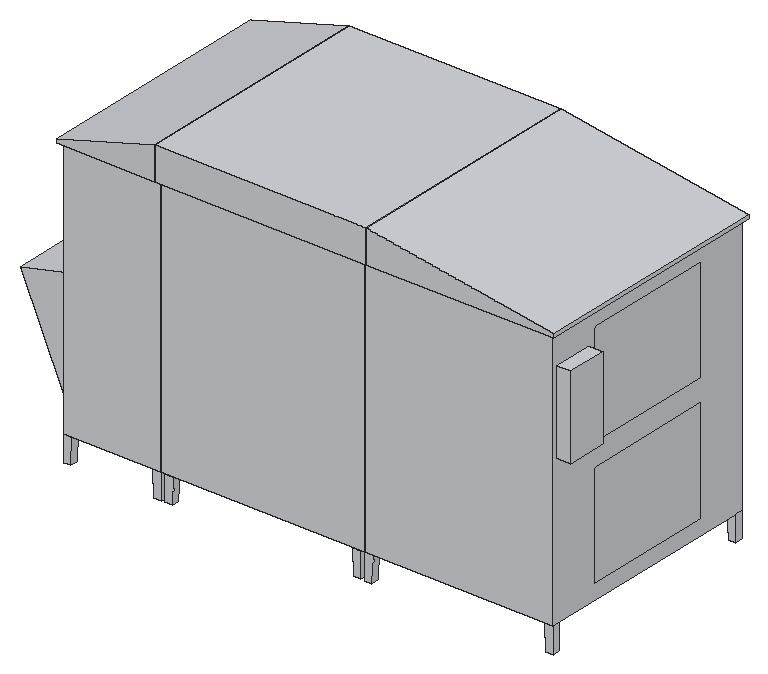
Revit family "AHU 2 _2", category Mechanické zařízení, Revit 2018
Family settings
  Kóta kulaté spojky = Použít průměr
  Typ dílu = Normální
  Číslo OmniClass = 23.75.00.00
  Nadpis OmniClass = Climate Control (HVAC)
  Založené na pracovní rovině = Ne
  Vždy vertikální = Ano
  Ořezat dutým tvarem při načtení = Ne
  Sdílené = Ne
  Bod výpočtu místnosti = Ne
Parameters (values of type "DUPLEXVENT 7500 Multi Eco-N")
  Width [instance] = 1.62 mm
  Weight [instance] = 1170.00 kg
  URL = ""
  Type [instance] = "DUPLEXVENT 7500 Multi Eco-N"
  Total_SFP [instance] = 0
  Supply_outlet_hum [instance] = 90
  Supply_inlet_hum [instance] = 90
  Supply_ext_pressure [instance] = 0.0 Pa
  Supply_SFP [instance] = 0
  Source_adu_file [instance] = ""
  Recuperation_type [instance] = "Plate heat recovery exchanger"
  Recuperation_efficiency_EN308 [instance] = 0
  Project_name [instance] = ""
  Project_date [instance] = "9.8.2023"
  Power_supply_fusing [instance] = "0"
  Power_supply_cable [instance] = "0"
  Position [instance] = "AHU 2 "
  Phases_count [instance] = 3
  Panel_thickness [instance] = 0.06 mm
  Outer_surface [instance] = "RAL 9002"
  Length [instance] = 3.37 mm
  Insulation_type [instance] = "PUR"
  Insulation_thickness [instance] = 0.05 mm
  Installation_environment [instance] = ""
  Input_power_max [instance] = 6600 W
  Inner_surface [instance] = "Pozink"
  I2 [instance] = I1  # 0.0 L/s
  Height [instance] = 1.795 mm
  Exhaust_outlet_hum [instance] = 40
  Exhaust_inlet_hum [instance] = 40
  Exhaust_ext_pressure [instance] = 0.0 Pa
  Exhaust_SFP [instance] = 0
  E1 [instance] = E2 - M1  # 0.0 L/s
  E2 [instance] = 0.0 L/s
  I1 [instance] = 0.0 L/s
  Description = ""
  M1 [instance] = 0.0 L/s
  Device_dutypoint_version [instance] = "0"
  Device_design_version [instance] = "9"
  Device_adu_id [instance] = "2"
  Current_max [instance] = 10.8 A
  Casing_mat [instance] = "painted zinc layer"
  Cable type [instance] = "CYKY 5Jx2,5"
Reference planes
  plane 1 "Střed (vpředu/vzadu)": y = 0
  plane 2 "ref": z = 0
  plane 3 "Střed (vlevo/vpravo)": x = 0
Forms (mm)
  Sweep 1, solid
    path origin (0, 0, 0) x (0, 0, 1) y (1, 0, 0)
      loop
        line (0, 0) -> (1795, 0)
    profile origin (0, 0, 0) x (1, 0, 0) y (0, 1, 0)
      loop
        line (0, 0) -> (671, 0) -> (671, 1620) -> (0, 1620) -> (0, 0)
  Sweep 2, solid
    path origin (0, 0, 0) x (0, 0, 1) y (1, 0, 0)
      loop
        line (0, 0) -> (1795, 0)
    profile origin (0, 0, 0) x (1, 0, 0) y (0, 1, 0)
      loop
        line (671, 0) -> (2074, 0) -> (2074, 1620) -> (671, 1620) -> (671, 0)
  Sweep 3, solid
    path origin (0, 0, 0) x (0, 0, 1) y (1, 0, 0)
      loop
        line (0, 0) -> (1795, 0)
    profile origin (0, 0, 0) x (1, 0, 0) y (0, 1, 0)
      loop
        line (2074, 0) -> (3367, 0) -> (3367, 1620) -> (2074, 1620) -> (2074, 0)
  Sweep 4, solid
    path origin (1685, 1645, 897) x (1, 0, 0) y (0, 1, 0)
      loop
        line (0, 0) -> (0, -1670)
    profile origin (1685, 1645, 897) x (1, 0, 0) y (0, 0, 1)
      loop
        line (-1710, 897) -> (-1039, 897) -> (-1039, 1123) -> (-1710, 922) -> (-1710, 897)
  Sweep 5, solid
    path origin (646, 810, 897) x (1, 0, 0) y (0, 1, 0)
      loop
        line (0, 0) -> (1456, 0)
    profile origin (646, 810, 897) x (0, 1, 0) y (0, 0, 1)
      loop
        line (-835, 897) -> (835, 897) -> (835, 922) -> (835, 1123) -> (-835, 1123) -> (-835, 922) -> (-835, 897)
  Sweep 6, solid
    path origin (1685, 1645, 897) x (1, 0, 0) y (0, 1, 0)
      loop
        line (0, 0) -> (0, -1670)
    profile origin (1685, 1645, 897) x (1, 0, 0) y (0, 0, 1)
      loop
        line (1710, 897) -> (1710, 922) -> (417, 1123) -> (417, 897) -> (1710, 897)
  Sweep 7, solid
    path origin (-250, 1365, 465) x (1, 0, 0) y (0, 1, 0)
      loop
        line (0, 0) -> (0, -1110)
    profile origin (-250, 1365, 465) x (1, 0, 0) y (0, 0, 1)
      loop
        line (249, 400) -> (-250, 280) -> (50, -400) -> (250, -400) -> (249, 400)
  Sweep 8, solid
    path origin (0, 810, 465) x (0, 1, 0) y (-1, 0, 0)
      loop
        line (0, 0) -> (0, 1)
    profile origin (0, 810, 465) x (0, -1, 0) y (0, 0, 1)
      loop
        line (-555, -400) -> (555, -400) -> (555, 400) -> (-555, 400) -> (-555, -400)
  Sweep 9, solid
    path origin (3369, 810, 1330) x (1, 0, 0) y (0, 1, 0)
      loop
        line (0, 0) -> (1, 0)
    profile origin (3369, 810, 1330) x (0, 1, 0) y (0, 0, 1)
      loop
        line (-450, 355) -> (-450, -355) -> (450, -355) -> (450, 355) -> (-450, 355)
  Sweep 10, solid
    path origin (3369, 810, 465) x (1, 0, 0) y (0, 1, 0)
      loop
        line (0, 0) -> (1, 0)
    profile origin (3369, 810, 465) x (0, 1, 0) y (0, 0, 1)
      loop
        line (-450, 355) -> (-450, -355) -> (450, -355) -> (450, 355) -> (-450, 355)
  Sweep 11, solid
    path origin (1, 810, 1330) x (0, 1, 0) y (-1, 0, 0)
      loop
        line (0, 0) -> (0, 1)
    profile origin (1, 810, 1330) x (0, -1, 0) y (0, 0, 1)
      loop
        line (-450, -355) -> (450, -355) -> (450, 355) -> (-450, 355) -> (-450, -355)
  Sweep 12, solid
    path origin (1780, 360, 0) x (0, -1, 0) y (0, 0, 1)
      loop
        line (0, 0) -> (0, -142)
    profile origin (1780, 360, 0) x (-1, 0, 0) y (0, -1, 0)
      loop
        circle (0, 0) r 8
  Sweep 13, solid
    path origin (1788, 360, -150) x (0, 0, -1) y (1, 0, 0)
      loop
        line (0, 0) -> (0, 14)
    profile origin (1788, 360, -150) x (0, 0, 1) y (0, -1, 0)
      loop
        circle (0, 0) r 8
  Sweep 14, solid
    path origin (1810, 360, -142) x (0, -1, 0) y (0, 0, 1)
      loop
        line (0, 0) -> (0, 59)
    profile origin (1810, 360, -142) x (0, 1, 0) y (-1, 0, 0)
      loop
        circle (0, 0) r 8
  Sweep 15, solid
    path origin (1818, 360, -75) x (0, 0, -1) y (1, 0, 0)
      loop
        line (0, 0) -> (0, 22)
    profile origin (1818, 360, -75) x (0, 0, 1) y (0, -1, 0)
      loop
        circle (0, 0) r 8
  Sweep 16, solid
    path origin (965, 360, 0) x (0, -1, 0) y (0, 0, 1)
      loop
        line (0, 0) -> (0, -142)
    profile origin (965, 360, 0) x (-1, 0, 0) y (0, -1, 0)
      loop
        circle (0, 0) r 8
  Sweep 17, solid
    path origin (973, 360, -150) x (0, 0, -1) y (1, 0, 0)
      loop
        line (0, 0) -> (0, 14)
    profile origin (973, 360, -150) x (0, 0, 1) y (0, -1, 0)
      loop
        circle (0, 0) r 8
  Sweep 18, solid
    path origin (995, 360, -142) x (0, -1, 0) y (0, 0, 1)
      loop
        line (0, 0) -> (0, 59)
    profile origin (995, 360, -142) x (0, 1, 0) y (-1, 0, 0)
      loop
        circle (0, 0) r 8
  Sweep 19, solid
    path origin (1003, 360, -75) x (0, 0, -1) y (1, 0, 0)
      loop
        line (0, 0) -> (0, 22)
    profile origin (1003, 360, -75) x (0, 0, 1) y (0, -1, 0)
      loop
        circle (0, 0) r 8
  Sweep 20, solid
    path origin (25, 50, 0) x (1, 0, 0) y (0, 1, 0)
      loop
        line (0, 0) -> (0, -50)
    profile origin (25, 50, 0) x (1, 0, 0) y (0, 0, 1)
      loop
        line (-25, 0) -> (-25, -175) -> (25, -175) -> (35, 0) -> (-25, 0)
  Sweep 21, solid
    path origin (3345, 50, 0) x (1, 0, 0) y (0, 1, 0)
      loop
        line (0, 0) -> (0, -50)
    profile origin (3345, 50, 0) x (1, 0, 0) y (0, 0, 1)
      loop
        line (-35, 0) -> (-25, -175) -> (25, -175) -> (25, 0) -> (-35, 0)
  Sweep 22, solid
    path origin (25, 1620, 0) x (1, 0, 0) y (0, 1, 0)
      loop
        line (0, 0) -> (0, -50)
    profile origin (25, 1620, 0) x (1, 0, 0) y (0, 0, 1)
      loop
        line (-25, 0) -> (-25, -175) -> (25, -175) -> (35, 0) -> (-25, 0)
  Sweep 23, solid
    path origin (3345, 1620, 0) x (1, 0, 0) y (0, 1, 0)
      loop
        line (0, 0) -> (0, -50)
    profile origin (3345, 1620, 0) x (1, 0, 0) y (0, 0, 1)
      loop
        line (-35, 0) -> (-25, -175) -> (25, -175) -> (25, 0) -> (-35, 0)
  Sweep 24, solid
    path origin (650, 50, 0) x (1, 0, 0) y (0, 1, 0)
      loop
        line (0, 0) -> (0, -50)
    profile origin (650, 50, 0) x (1, 0, 0) y (0, 0, 1)
      loop
        line (-35, 0) -> (-25, -175) -> (25, -175) -> (25, 0) -> (-35, 0)
  Sweep 25, solid
    path origin (650, 1620, 0) x (1, 0, 0) y (0, 1, 0)
      loop
        line (0, 0) -> (0, -50)
    profile origin (650, 1620, 0) x (1, 0, 0) y (0, 0, 1)
      loop
        line (-35, 0) -> (-25, -175) -> (25, -175) -> (25, 0) -> (-35, 0)
  Sweep 26, solid
    path origin (725, 50, 0) x (1, 0, 0) y (0, 1, 0)
      loop
        line (0, 0) -> (0, -50)
    profile origin (725, 50, 0) x (1, 0, 0) y (0, 0, 1)
      loop
        line (-25, 0) -> (-25, -175) -> (25, -175) -> (35, 0) -> (-25, 0)
  Sweep 27, solid
    path origin (725, 1620, 0) x (1, 0, 0) y (0, 1, 0)
      loop
        line (0, 0) -> (0, -50)
    profile origin (725, 1620, 0) x (1, 0, 0) y (0, 0, 1)
      loop
        line (-25, 0) -> (-25, -175) -> (25, -175) -> (35, 0) -> (-25, 0)
  Sweep 28, solid
    path origin (2023, 50, 0) x (1, 0, 0) y (0, 1, 0)
      loop
        line (0, 0) -> (0, -50)
    profile origin (2023, 50, 0) x (1, 0, 0) y (0, 0, 1)
      loop
        line (-35, 0) -> (-25, -175) -> (25, -175) -> (25, 0) -> (-35, 0)
  Sweep 29, solid
    path origin (2023, 1620, 0) x (1, 0, 0) y (0, 1, 0)
      loop
        line (0, 0) -> (0, -50)
    profile origin (2023, 1620, 0) x (1, 0, 0) y (0, 0, 1)
      loop
        line (-35, 0) -> (-25, -175) -> (25, -175) -> (25, 0) -> (-35, 0)
  Sweep 30, solid
    path origin (2098, 50, 0) x (1, 0, 0) y (0, 1, 0)
      loop
        line (0, 0) -> (0, -50)
    profile origin (2098, 50, 0) x (1, 0, 0) y (0, 0, 1)
      loop
        line (-25, 0) -> (-25, -175) -> (25, -175) -> (35, 0) -> (-25, 0)
  Sweep 31, solid
    path origin (2098, 1620, 0) x (1, 0, 0) y (0, 1, 0)
      loop
        line (0, 0) -> (0, -50)
    profile origin (2098, 1620, 0) x (1, 0, 0) y (0, 0, 1)
      loop
        line (-25, 0) -> (-25, -175) -> (25, -175) -> (35, 0) -> (-25, 0)
  Sweep 32, solid
    path origin (0, 0, 1024) x (0, 0, 1) y (1, 0, 0)
      loop
        line (0, 0) -> (570, 0)
    profile origin (0, 0, 1024) x (1, 0, 0) y (0, 1, 0)
      loop
        line (3370, 25) -> (3470, 25) -> (3470, 300) -> (3370, 300) -> (3370, 25)
  Sweep 33, solid
    path origin (3420, 163, 1024) x (0, -1, 0) y (0, 0, 1)
      loop
        line (0, 0) -> (0, -1)
    profile origin (3420, 163, 1024) x (-1, 0, 0) y (0, -1, 0)
      loop
        circle (0, 0) r 10
Lines and regions (mm)
  model lines, style "Symbol"
    curve 1: line (1382, 0, 0) -> (1382, 0, 359)
    curve 2: line (1382, 0, 1795) -> (1382, 0, 1436)
    curve 3: line (0, 0, 897) -> (671, 0, 897)
    curve 4: line (671, 0, 897) -> (843, 0, 897)
    curve 5: line (2074, 0, 897) -> (1920, 0, 897)
    curve 6: line (2074, 0, 897) -> (3370, 0, 897)
    curve 7: line (843, 0, 897) -> (1112, 0, 1436)
    curve 8: line (1112, 0, 1436) -> (1651, 0, 1436)
    curve 9: line (1651, 0, 1436) -> (1920, 0, 897)
    curve 10: line (1920, 0, 897) -> (1651, 0, 359)
    curve 11: line (1651, 0, 359) -> (1382, 0, 359)
    curve 12: line (1382, 0, 359) -> (1112, 0, 359)
    curve 13: line (1112, 0, 359) -> (843, 0, 897)
    curve 14: line (2975, 0, 1474) -> (3262, 0, 1425)
    curve 15: line (2975, 0, 1218) -> (3262, 0, 1267)
    curve 16: line (395, 0, 1218) -> (108, 0, 1267)
    curve 17: line (395, 0, 1474) -> (108, 0, 1425)
    curve 18: line (67, 0, 179) -> (67, 0, 718)
    curve 19: line (67, 0, 718) -> (270, 0, 718)
    curve 20: line (270, 0, 718) -> (270, 0, 179)
    curve 21: line (270, 0, 179) -> (67, 0, 179)
    curve 22: line (169, 0, 179) -> (270, 0, 449)
    curve 23: line (169, 0, 718) -> (270, 0, 449)
    curve 24: line (3303, 0, 718) -> (3303, 0, 179)
    curve 25: line (3303, 0, 179) -> (3100, 0, 179)
    curve 26: line (3100, 0, 179) -> (3100, 0, 718)
    curve 27: line (3100, 0, 718) -> (3303, 0, 718)
    curve 28: line (3201, 0, 718) -> (3100, 0, 449)
    curve 29: line (3201, 0, 179) -> (3100, 0, 449)
    curve 30: line (1015, 0, 314) -> (771, 0, 794)
    curve 31: line (771, 0, 794) -> (851, 0, 835)
    curve 32: line (851, 0, 835) -> (1095, 0, 355)
    curve 33: line (1095, 0, 355) -> (1015, 0, 314)
    curve 34: line (868, 0, 622) -> (900, 0, 719)
    curve 35: line (966, 0, 430) -> (998, 0, 527)
    curve 36: line (0, -1600, 0) -> (0, 0, 0)
    curve 37: line (3370, -1600, 0) -> (3370, 0, 0)
    curve 38: line (0, -1600, 0) -> (3370, -1600, 0)
    curve 39: line (0, -1600, 1795) -> (0, 0, 1795)
    curve 40: line (3370, -1600, 1795) -> (3370, 0, 1795)
    curve 41: line (0, -1600, 1795) -> (3370, -1600, 1795)
    curve 42: line (0, -1600, 0) -> (0, -1600, 1795)
    curve 43: line (3370, -1600, 0) -> (3370, -1600, 1795)
    curve 44: line (0, -1600, 1595) -> (200, -1600, 1795)
    curve 45: line (0, -1600, 1395) -> (400, -1600, 1795)
    curve 46: line (0, -1600, 1195) -> (600, -1600, 1795)
    curve 47: line (0, -1600, 995) -> (800, -1600, 1795)
    curve 48: line (0, -1600, 795) -> (1000, -1600, 1795)
    curve 49: line (0, -1600, 595) -> (1200, -1600, 1795)
    curve 50: line (0, -1600, 395) -> (1400, -1600, 1795)
    curve 51: line (0, -1600, 195) -> (1600, -1600, 1795)
    curve 52: line (5, -1600, 0) -> (1800, -1600, 1795)
    curve 53: line (205, -1600, 0) -> (2000, -1600, 1795)
    curve 54: line (405, -1600, 0) -> (2200, -1600, 1795)
    curve 55: line (605, -1600, 0) -> (2400, -1600, 1795)
    curve 56: line (805, -1600, 0) -> (2600, -1600, 1795)
    curve 57: line (1005, -1600, 0) -> (2800, -1600, 1795)
    curve 58: line (1205, -1600, 0) -> (3000, -1600, 1795)
    curve 59: line (1405, -1600, 0) -> (3200, -1600, 1795)
    curve 60: line (1605, -1600, 0) -> (3370, -1600, 1765)
    curve 61: line (1805, -1600, 0) -> (3370, -1600, 1565)
    curve 62: line (2005, -1600, 0) -> (3370, -1600, 1365)
    curve 63: line (2205, -1600, 0) -> (3370, -1600, 1165)
    curve 64: line (2405, -1600, 0) -> (3370, -1600, 965)
    curve 65: line (2605, -1600, 0) -> (3370, -1600, 765)
    curve 66: line (2805, -1600, 0) -> (3370, -1600, 565)
    curve 67: line (3005, -1600, 0) -> (3370, -1600, 365)
    curve 68: line (3205, -1600, 0) -> (3370, -1600, 165)
    curve 69: line (3370, -1600, 1595) -> (3370, -1400, 1795)
    curve 70: line (3370, -1600, 1395) -> (3370, -1200, 1795)
    curve 71: line (3370, -1600, 1195) -> (3370, -1000, 1795)
    curve 72: line (3370, -1600, 995) -> (3370, -800, 1795)
    curve 73: line (3370, -1600, 795) -> (3370, -600, 1795)
    curve 74: line (3370, -1600, 595) -> (3370, -400, 1795)
    curve 75: line (3370, -1600, 395) -> (3370, -200, 1795)
    curve 76: line (3370, -1600, 195) -> (3370, 0, 1795)
    curve 77: line (3370, -1595, 0) -> (3370, 0, 1595)
    curve 78: line (3370, -1395, 0) -> (3370, 0, 1395)
    curve 79: line (3370, -1195, 0) -> (3370, 0, 1195)
    curve 80: line (3370, -995, 0) -> (3370, 0, 995)
    curve 81: line (3370, -795, 0) -> (3370, 0, 795)
    curve 82: line (3370, -595, 0) -> (3370, 0, 595)
    curve 83: line (3370, -395, 0) -> (3370, 0, 395)
    curve 84: line (3370, -195, 0) -> (3370, 0, 195)
    curve 85: line (0, -1400, 1795) -> (200, -1600, 1795)
    curve 86: line (0, -1200, 1795) -> (400, -1600, 1795)
    curve 87: line (0, -1000, 1795) -> (600, -1600, 1795)
    curve 88: line (0, -800, 1795) -> (800, -1600, 1795)
    curve 89: line (0, -600, 1795) -> (1000, -1600, 1795)
    curve 90: line (0, -400, 1795) -> (1200, -1600, 1795)
    curve 91: line (0, -200, 1795) -> (1400, -1600, 1795)
    curve 92: line (0, 0, 1795) -> (1600, -1600, 1795)
    curve 93: line (200, 0, 1795) -> (1800, -1600, 1795)
    curve 94: line (400, 0, 1795) -> (2000, -1600, 1795)
    curve 95: line (600, 0, 1795) -> (2200, -1600, 1795)
    curve 96: line (800, 0, 1795) -> (2400, -1600, 1795)
    curve 97: line (1000, 0, 1795) -> (2600, -1600, 1795)
    curve 98: line (1200, 0, 1795) -> (2800, -1600, 1795)
    curve 99: line (1400, 0, 1795) -> (3000, -1600, 1795)
    curve 100: line (1600, 0, 1795) -> (3200, -1600, 1795)
    curve 101: line (1800, 0, 1795) -> (3370, -1570, 1795)
    curve 102: line (2000, 0, 1795) -> (3370, -1370, 1795)
    curve 103: line (2200, 0, 1795) -> (3370, -1170, 1795)
    curve 104: line (2400, 0, 1795) -> (3370, -970, 1795)
    curve 105: line (2600, 0, 1795) -> (3370, -770, 1795)
    curve 106: line (2800, 0, 1795) -> (3370, -570, 1795)
    curve 107: line (3000, 0, 1795) -> (3370, -370, 1795)
    curve 108: line (3200, 0, 1795) -> (3370, -170, 1795)
    curve 109: line (4090, 0, 0) -> (3370, 0, 0)
    curve 110: line (4090, 1620, 0) -> (3370, 1620, 0)
    curve 111: line (4090, 0, 0) -> (4090, 1620, 0)
    curve 112: line (4090, 0, 1795) -> (3370, 0, 1795)
    curve 113: line (4090, 1620, 1795) -> (3370, 1620, 1795)
    curve 114: line (4090, 0, 1795) -> (4090, 1620, 1795)
    curve 115: line (4090, 0, 0) -> (4090, 0, 1795)
    curve 116: line (4090, 1620, 0) -> (4090, 1620, 1795)
    curve 117: line (4090, 0, 1595) -> (4090, 200, 1795)
    curve 118: line (4090, 0, 1395) -> (4090, 400, 1795)
    curve 119: line (4090, 0, 1195) -> (4090, 600, 1795)
    curve 120: line (4090, 0, 995) -> (4090, 800, 1795)
    curve 121: line (4090, 0, 795) -> (4090, 1000, 1795)
    curve 122: line (4090, 0, 595) -> (4090, 1200, 1795)
    curve 123: line (4090, 0, 395) -> (4090, 1400, 1795)
    curve 124: line (4090, 0, 195) -> (4090, 1600, 1795)
    curve 125: line (4090, 5, 0) -> (4090, 1620, 1615)
    curve 126: line (4090, 205, 0) -> (4090, 1620, 1415)
    curve 127: line (4090, 405, 0) -> (4090, 1620, 1215)
    curve 128: line (4090, 605, 0) -> (4090, 1620, 1015)
    curve 129: line (4090, 805, 0) -> (4090, 1620, 815)
    curve 130: line (4090, 1005, 0) -> (4090, 1620, 615)
    curve 131: line (4090, 1205, 0) -> (4090, 1620, 415)
    curve 132: line (4090, 1405, 0) -> (4090, 1620, 215)
    curve 133: line (4090, 1605, 0) -> (4090, 1620, 15)
    curve 134: line (4090, 1620, 1595) -> (3890, 1620, 1795)
    curve 135: line (4090, 1620, 1395) -> (3690, 1620, 1795)
    curve 136: line (4090, 1620, 1195) -> (3490, 1620, 1795)
    curve 137: line (4090, 1620, 995) -> (3370, 1620, 1715)
    curve 138: line (4090, 1620, 795) -> (3370, 1620, 1515)
    curve 139: line (4090, 1620, 595) -> (3370, 1620, 1315)
    curve 140: line (4090, 1620, 395) -> (3370, 1620, 1115)
    curve 141: line (4090, 1620, 195) -> (3370, 1620, 915)
    curve 142: line (4085, 1620, 0) -> (3370, 1620, 715)
    curve 143: line (3885, 1620, 0) -> (3370, 1620, 515)
    curve 144: line (3685, 1620, 0) -> (3370, 1620, 315)
    curve 145: line (3485, 1620, 0) -> (3370, 1620, 115)
    curve 146: line (3890, 0, 1795) -> (4090, 200, 1795)
    curve 147: line (3690, 0, 1795) -> (4090, 400, 1795)
    curve 148: line (3490, 0, 1795) -> (4090, 600, 1795)
    curve 149: line (3370, 80, 1795) -> (4090, 800, 1795)
    curve 150: line (3370, 280, 1795) -> (4090, 1000, 1795)
    curve 151: line (3370, 480, 1795) -> (4090, 1200, 1795)
    curve 152: line (3370, 680, 1795) -> (4090, 1400, 1795)
    curve 153: line (3370, 880, 1795) -> (4090, 1600, 1795)
    curve 154: line (3370, 1080, 1795) -> (3910, 1620, 1795)
    curve 155: line (3370, 1280, 1795) -> (3710, 1620, 1795)
    curve 156: line (3370, 1480, 1795) -> (3510, 1620, 1795)
    curve 157: line (0, 1620, -175) -> (0, 1620, 0)
    curve 158: line (3370, 1620, -175) -> (3370, 1620, 0)
    curve 159: line (0, 1620, -175) -> (3370, 1620, -175)
    curve 160: line (0, 0, -175) -> (0, 0, 0)
    curve 161: line (3370, 0, -175) -> (3370, 0, 0)
    curve 162: line (0, 0, -175) -> (3370, 0, -175)
    curve 163: line (0, 1620, -175) -> (0, 0, -175)
    curve 164: line (3370, 1620, -175) -> (3370, 0, -175)
    curve 165: line (0, 200, -175) -> (200, 0, -175)
    curve 166: line (0, 400, -175) -> (400, 0, -175)
    curve 167: line (0, 600, -175) -> (600, 0, -175)
    curve 168: line (0, 800, -175) -> (800, 0, -175)
    curve 169: line (0, 1000, -175) -> (1000, 0, -175)
    curve 170: line (0, 1200, -175) -> (1200, 0, -175)
    curve 171: line (0, 1400, -175) -> (1400, 0, -175)
    curve 172: line (0, 1600, -175) -> (1600, 0, -175)
    curve 173: line (180, 1620, -175) -> (1800, 0, -175)
    curve 174: line (380, 1620, -175) -> (2000, 0, -175)
    curve 175: line (580, 1620, -175) -> (2200, 0, -175)
    curve 176: line (780, 1620, -175) -> (2400, 0, -175)
    curve 177: line (980, 1620, -175) -> (2600, 0, -175)
    curve 178: line (1180, 1620, -175) -> (2800, 0, -175)
    curve 179: line (1380, 1620, -175) -> (3000, 0, -175)
    curve 180: line (1580, 1620, -175) -> (3200, 0, -175)
    curve 181: line (1780, 1620, -175) -> (3370, 30, -175)
    curve 182: line (1980, 1620, -175) -> (3370, 230, -175)
    curve 183: line (2180, 1620, -175) -> (3370, 430, -175)
    curve 184: line (2380, 1620, -175) -> (3370, 630, -175)
    curve 185: line (2580, 1620, -175) -> (3370, 830, -175)
    curve 186: line (2780, 1620, -175) -> (3370, 1030, -175)
    curve 187: line (2980, 1620, -175) -> (3370, 1230, -175)
    curve 188: line (3180, 1620, -175) -> (3370, 1430, -175)
    curve 189: line (3370, 200, -175) -> (3370, 25, 0)
    curve 190: line (3370, 400, -175) -> (3370, 225, 0)
    curve 191: line (3370, 600, -175) -> (3370, 425, 0)
    curve 192: line (3370, 800, -175) -> (3370, 625, 0)
    curve 193: line (3370, 1000, -175) -> (3370, 825, 0)
    curve 194: line (3370, 1200, -175) -> (3370, 1025, 0)
    curve 195: line (3370, 1400, -175) -> (3370, 1225, 0)
    curve 196: line (3370, 1600, -175) -> (3370, 1425, 0)
    curve 197: line (25, 0, 0) -> (200, 0, -175)
    curve 198: line (225, 0, 0) -> (400, 0, -175)
    curve 199: line (425, 0, 0) -> (600, 0, -175)
    curve 200: line (625, 0, 0) -> (800, 0, -175)
    curve 201: line (825, 0, 0) -> (1000, 0, -175)
    curve 202: line (1025, 0, 0) -> (1200, 0, -175)
    curve 203: line (1225, 0, 0) -> (1400, 0, -175)
    curve 204: line (1425, 0, 0) -> (1600, 0, -175)
    curve 205: line (1625, 0, 0) -> (1800, 0, -175)
    curve 206: line (1825, 0, 0) -> (2000, 0, -175)
    curve 207: line (2025, 0, 0) -> (2200, 0, -175)
    curve 208: line (2225, 0, 0) -> (2400, 0, -175)
    curve 209: line (2425, 0, 0) -> (2600, 0, -175)
    curve 210: line (2625, 0, 0) -> (2800, 0, -175)
    curve 211: line (2825, 0, 0) -> (3000, 0, -175)
    curve 212: line (3025, 0, 0) -> (3200, 0, -175)
    curve 213: line (3225, 0, 0) -> (3370, 0, -145)
    curve 214: line (0, 0, 2395) -> (0, 0, 1795)
    curve 215: line (3370, 0, 2395) -> (3370, 0, 1795)
    curve 216: line (0, 0, 2395) -> (3370, 0, 2395)
    curve 217: line (0, 1620, 2395) -> (0, 1620, 1795)
    curve 218: line (3370, 1620, 2395) -> (3370, 1620, 1795)
    curve 219: line (0, 1620, 2395) -> (3370, 1620, 2395)
    curve 220: line (0, 0, 2395) -> (0, 1620, 2395)
    curve 221: line (3370, 0, 2395) -> (3370, 1620, 2395)
    curve 222: line (0, 1420, 2395) -> (200, 1620, 2395)
    curve 223: line (0, 1220, 2395) -> (400, 1620, 2395)
    curve 224: line (0, 1020, 2395) -> (600, 1620, 2395)
    curve 225: line (0, 820, 2395) -> (800, 1620, 2395)
    curve 226: line (0, 620, 2395) -> (1000, 1620, 2395)
    curve 227: line (0, 420, 2395) -> (1200, 1620, 2395)
    curve 228: line (0, 220, 2395) -> (1400, 1620, 2395)
    curve 229: line (0, 20, 2395) -> (1600, 1620, 2395)
    curve 230: line (180, 0, 2395) -> (1800, 1620, 2395)
    curve 231: line (380, 0, 2395) -> (2000, 1620, 2395)
    curve 232: line (580, 0, 2395) -> (2200, 1620, 2395)
    curve 233: line (780, 0, 2395) -> (2400, 1620, 2395)
    curve 234: line (980, 0, 2395) -> (2600, 1620, 2395)
    curve 235: line (1180, 0, 2395) -> (2800, 1620, 2395)
    curve 236: line (1380, 0, 2395) -> (3000, 1620, 2395)
    curve 237: line (1580, 0, 2395) -> (3200, 1620, 2395)
    curve 238: line (1780, 0, 2395) -> (3370, 1590, 2395)
    curve 239: line (1980, 0, 2395) -> (3370, 1390, 2395)
    curve 240: line (2180, 0, 2395) -> (3370, 1190, 2395)
    curve 241: line (2380, 0, 2395) -> (3370, 990, 2395)
    curve 242: line (2580, 0, 2395) -> (3370, 790, 2395)
    curve 243: line (2780, 0, 2395) -> (3370, 590, 2395)
    curve 244: line (2980, 0, 2395) -> (3370, 390, 2395)
    curve 245: line (3180, 0, 2395) -> (3370, 190, 2395)
    curve 246: line (3370, 1420, 2395) -> (3370, 1620, 2195)
    curve 247: line (3370, 1220, 2395) -> (3370, 1620, 1995)
    curve 248: line (3370, 1020, 2395) -> (3370, 1620, 1795)
    curve 249: line (3370, 820, 2395) -> (3370, 1420, 1795)
    curve 250: line (3370, 620, 2395) -> (3370, 1220, 1795)
    curve 251: line (3370, 420, 2395) -> (3370, 1020, 1795)
    curve 252: line (3370, 220, 2395) -> (3370, 820, 1795)
    curve 253: line (3370, 20, 2395) -> (3370, 620, 1795)
    curve 254: line (3370, 0, 2215) -> (3370, 420, 1795)
    curve 255: line (3370, 0, 2015) -> (3370, 220, 1795)
    curve 256: line (3370, 0, 1815) -> (3370, 20, 1795)
    curve 257: line (0, 1620, 2195) -> (200, 1620, 2395)
    curve 258: line (0, 1620, 1995) -> (400, 1620, 2395)
    curve 259: line (0, 1620, 1795) -> (600, 1620, 2395)
    curve 260: line (200, 1620, 1795) -> (800, 1620, 2395)
    curve 261: line (400, 1620, 1795) -> (1000, 1620, 2395)
    curve 262: line (600, 1620, 1795) -> (1200, 1620, 2395)
    curve 263: line (800, 1620, 1795) -> (1400, 1620, 2395)
    curve 264: line (1000, 1620, 1795) -> (1600, 1620, 2395)
    curve 265: line (1200, 1620, 1795) -> (1800, 1620, 2395)
    curve 266: line (1400, 1620, 1795) -> (2000, 1620, 2395)
    curve 267: line (1600, 1620, 1795) -> (2200, 1620, 2395)
    curve 268: line (1800, 1620, 1795) -> (2400, 1620, 2395)
    curve 269: line (2000, 1620, 1795) -> (2600, 1620, 2395)
    curve 270: line (2200, 1620, 1795) -> (2800, 1620, 2395)
    curve 271: line (2400, 1620, 1795) -> (3000, 1620, 2395)
    curve 272: line (2600, 1620, 1795) -> (3200, 1620, 2395)
    curve 273: line (2800, 1620, 1795) -> (3370, 1620, 2365)
    curve 274: line (3000, 1620, 1795) -> (3370, 1620, 2165)
    curve 275: line (3200, 1620, 1795) -> (3370, 1620, 1965)
    curve 276: circle (3101, 0, 1346) r 179 normal (0, -1, 0)
    curve 277: circle (269, 0, 1346) r 179 normal (0, -1, 0)
    curve 278: circle (884, 0, 670) r 13 normal (0, -1, 0)
    curve 279: circle (982, 0, 478) r 13 normal (0, -1, 0)
    curve 280: circle (1780, 360, 0) r 8 normal (0, 0, -1)
    curve 281: circle (1780, 360, -142) r 8 normal (0, 0, -1)
    curve 282: circle (965, 360, 0) r 8 normal (0, 0, -1)
    curve 283: circle (965, 360, -142) r 8 normal (0, 0, -1)
Dimensions and locks
  aligned and locked: level to plane 2 "ref"
Connectors
  hvac at (-1, 810, 465), driven by "E1"
    settings: on Sweep 8, index 1, duct flow 0.0 L/s, flow factor 0, pres drop 0.0 Pa, loss coef 0, conn angle 0.00°, conn width 10 mm, conn height 10 mm, conn diameter 609.6 mm, duct sys type 1, conn prof type 1, flow config 1, flow direction 1, loss method 0, conn ref index -1, conn util no, is conn primary yes, conn desc ""
  hvac at (3370, 810, 1330), driven by "E2"
    settings: on Sweep 9, index 2, duct flow 0.0 L/s, flow factor 1, pres drop 0.0 Pa, loss coef 0, conn angle 0.00°, conn width 900 mm, conn height 710 mm, conn diameter 609.6 mm, duct sys type 1, conn prof type 1, flow config 2, flow direction 2, loss method 0, conn ref index -1, conn util no, is conn primary no, conn desc ""
  hvac at (3370, 810, 465), driven by "I1"
    settings: on Sweep 10, index 3, duct flow 0.0 L/s, flow factor 1, pres drop 0.0 Pa, loss coef 0, conn angle 0.00°, conn width 900 mm, conn height 710 mm, conn diameter 609.6 mm, duct sys type 3, conn prof type 1, flow config 2, flow direction 1, loss method 0, conn ref index -1, conn util no, is conn primary no, conn desc ""
  hvac at (0, 810, 1330), driven by "I2"
    settings: on Sweep 11, index 4, duct flow 0.0 L/s, flow factor 0, pres drop 0.0 Pa, loss coef 0, conn angle 0.00°, conn width 900 mm, conn height 710 mm, conn diameter 609.6 mm, duct sys type 3, conn prof type 1, flow config 1, flow direction 2, loss method 0, conn ref index -1, conn util no, is conn primary no, conn desc ""
  piping at (1840, 360, -75), diameter 40
    settings: on Sweep 15, index 5, connector inside diameter 609.6 mm, connector length 0 mm, flow factor 0, pipe flow 0.0 L/s, pressure drop 0.0 Pa, fitting loss kfactor 0, connector angle 0.00°, fixture units 0, engagement length 0 mm, angle of deflection 0.00°, flow configuration 1, flow direction 2, fitting loss method 0, system type 16, joint type 0, gender type 0, connector reference index -1, connector utility 0, adjustable connector no, is connector primary yes, connector description ""
  piping at (1025, 360, -75), diameter 40
    settings: on Sweep 19, index 6, connector inside diameter 609.6 mm, connector length 0 mm, flow factor 0, pipe flow 0.0 L/s, pressure drop 0.0 Pa, fitting loss kfactor 0, connector angle 0.00°, fixture units 0, engagement length 0 mm, angle of deflection 0.00°, flow configuration 1, flow direction 2, fitting loss method 0, system type 16, joint type 0, gender type 0, connector reference index -1, connector utility 0, adjustable connector no, is connector primary no, connector description ""
  electrical at (3420, 163, 1023)
    settings: on Sweep 33, index 7, voltage 400 V, apparent load 0 VA, apparent load phase1 0 VA, apparent load phase2 0 VA, apparent load phase3 0 VA, power factor 1, load classification "Další", number of poles 3, system type 31, power factor state 1, is connector primary yes, connector utility no, sub classification motor no, connector description ""
